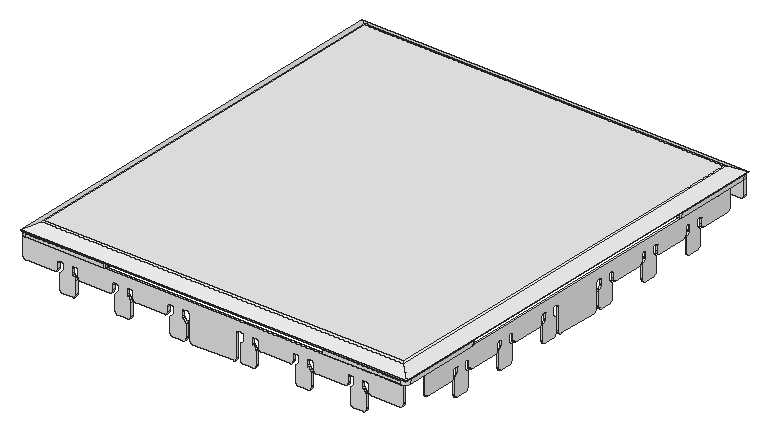
Revit family "Access_Door-Adjustable-Access-Best Access Doors-BA-RADJ", category Specialty Equipment, host Face, Revit 2017 (continued)
Definition of nested family "1-Frame_Base"
  Definition of nested family "1-Frame_Base-Side"
    Lines and regions (in)
      Masking region 2, visible <- "Frame Side 1", detail levels medium+fine
        outline origin (0, 0, 0) x (1, 0, 0) y (0, 1, 0)
          loop
            arc (0.8546, 0.432) -> (0.87789, 0.48821) -> (0.9341, 0.51149) r 0.0795
            line (0.9341, 0.51149) -> (1.0372, 0.51149)
            arc (1.0372, 0.51149) -> (1.09341, 0.48821) -> (1.1167, 0.432) r 0.0795
            line (1.1167, 0.432) -> (1.1167, 0.29599)
            arc (1.1167, 0.29599) -> (1.11065, 0.26557) -> (1.09341, 0.23978) r 0.0795
            line (1.09341, 0.23978) -> (1.0021, 0.14847)
            arc (1.0021, 0.14847) -> (0.98487, 0.12268) -> (0.97882, 0.09225) r 0.0795
            line (0.97882, 0.09225) -> (0.97882, -0.37789)
            arc (0.97882, -0.37789) -> (1.0152, -0.46572) -> (1.10303, -0.5021) r 0.12422
            line (1.10303, -0.5021) -> (1.4409, -0.5021)
            arc (1.4409, -0.5021) -> (1.52878, -0.46568) -> (1.56511, -0.37777) r 0.12422
            line (1.56511, -0.37777) -> (1.56511, 0.09216)
            arc (1.56511, 0.09216) -> (1.55908, 0.12263) -> (1.54183, 0.14847) r 0.0795
            line (1.54183, 0.14847) -> (1.45058, 0.23972)
            arc (1.45058, 0.23972) -> (1.43332, 0.26549) -> (1.42724, 0.29592) r 0.0795
            line (1.42724, 0.29592) -> (1.42724, 0.43192)
            arc (1.42724, 0.43192) -> (1.45049, 0.48818) -> (1.50673, 0.51149) r 0.0795
            line (1.50673, 0.51149) -> (1.55518, 0.51149)
            arc (1.55518, 0.51149) -> (1.61139, 0.48821) -> (1.63467, 0.432) r 0.0795
            line (1.63467, 0.432) -> (1.63467, 0.24506)
            arc (1.63467, 0.24506) -> (1.6711, 0.1573) -> (1.75889, 0.12096) r 0.12422
            line (1.75889, 0.12096) -> (2.78203, 0.12096)
            arc (2.78203, 0.12096) -> (2.86984, 0.15731) -> (2.90625, 0.24509) r 0.12422
            line (2.90625, 0.24509) -> (2.90625, 0.85109) -> (-2.90625, 0.85109)
      Masking region 3, visible <- "Frame Side 2", detail levels coarse
        outline origin (0, 0, 0) x (1, 0, 0) y (0, 1, 0)
          loop
            line (-3.61676, 0.85109) -> (-3.61676, -0.5021) -> (3.61676, -0.5021) -> (3.61676, 0.85109) -> (-3.61676, 0.85109)
      Masking region 4, visible <- "Frame Side 2", detail levels medium+fine
        outline origin (0, 0, 0) x (1, 0, 0) y (0, 1, 0)
          loop
            line (-3.49255, 0.12096) -> (-2.4694, 0.12096)
            arc (-2.4694, 0.12096) -> (-2.38153, 0.15738) -> (-2.34519, 0.24529) r 0.12422
            line (-2.34519, 0.24529) -> (-2.34519, 0.432)
            arc (-2.34519, 0.432) -> (-2.3219, 0.48821) -> (-2.26569, 0.51149) r 0.0795
            line (-2.26569, 0.51149) -> (-2.21725, 0.51149)
            arc (-2.21725, 0.51149) -> (-2.16106, 0.48824) -> (-2.13775, 0.43207) r 0.0795
            line (-2.13775, 0.43207) -> (-2.13775, 0.29607)
            arc (-2.13775, 0.29607) -> (-2.1438, 0.26556) -> (-2.16109, 0.23972) r 0.0795
            line (-2.16109, 0.23972) -> (-2.25234, 0.14847)
            arc (-2.25234, 0.14847) -> (-2.26959, 0.12263) -> (-2.27563, 0.09216) r 0.0795
            line (-2.27563, 0.09216) -> (-2.27563, -0.37777)
            arc (-2.27563, -0.37777) -> (-2.23929, -0.46568) -> (-2.15141, -0.5021) r 0.12422
            line (-2.15141, -0.5021) -> (-1.81354, -0.5021)
            arc (-1.81354, -0.5021) -> (-1.72571, -0.46572) -> (-1.68933, -0.37789) r 0.12422
            line (-1.68933, -0.37789) -> (-1.68933, 0.09225)
            arc (-1.68933, 0.09225) -> (-1.69538, 0.12268) -> (-1.71261, 0.14847) r 0.0795
            line (-1.71261, 0.14847) -> (-1.80392, 0.23978)
            arc (-1.80392, 0.23978) -> (-1.82116, 0.26557) -> (-1.82721, 0.29599) r 0.0795
            line (-1.82721, 0.29599) -> (-1.82721, 0.432)
            arc (-1.82721, 0.432) -> (-1.80392, 0.48821) -> (-1.74771, 0.51149) r 0.0795
            line (-1.74771, 0.51149) -> (-1.50673, 0.51149)
            arc (-1.50673, 0.51149) -> (-1.45055, 0.48824) -> (-1.42724, 0.43207) r 0.0795
            line (-1.42724, 0.43207) -> (-1.42724, 0.29607)
            arc (-1.42724, 0.29607) -> (-1.43329, 0.26556) -> (-1.45058, 0.23972) r 0.0795
            line (-1.45058, 0.23972) -> (-1.54183, 0.14847)
            arc (-1.54183, 0.14847) -> (-1.55908, 0.12263) -> (-1.56511, 0.09216) r 0.0795
            line (-1.56511, 0.09216) -> (-1.56511, -0.37777)
            arc (-1.56511, -0.37777) -> (-1.52878, -0.46568) -> (-1.4409, -0.5021) r 0.12422
            line (-1.4409, -0.5021) -> (-1.10303, -0.5021)
            arc (-1.10303, -0.5021) -> (-1.0152, -0.46572) -> (-0.97882, -0.37789) r 0.12422
            line (-0.97882, -0.37789) -> (-0.97882, 0.09225)
            arc (-0.97882, 0.09225) -> (-0.98487, 0.12268) -> (-1.0021, 0.14847) r 0.0795
            line (-1.0021, 0.14847) -> (-1.09341, 0.23978)
            arc (-1.09341, 0.23978) -> (-1.11065, 0.26557) -> (-1.1167, 0.29599) r 0.0795
            line (-1.1167, 0.29599) -> (-1.1167, 0.432)
            arc (-1.1167, 0.432) -> (-1.09341, 0.48821) -> (-1.0372, 0.51149) r 0.0795
            line (-1.0372, 0.51149) -> (-0.9341, 0.51149)
            arc (-0.9341, 0.51149) -> (-0.87789, 0.48821) -> (-0.8546, 0.432) r 0.0795
            line (-0.8546, 0.432) -> (-0.8546, -0.37795)
            arc (-0.8546, -0.37795) -> (-0.8182, -0.46574) -> (-0.73039, -0.5021) r 0.12422
            line (-0.73039, -0.5021) -> (0.73039, -0.5021)
            arc (0.73039, -0.5021) -> (0.81824, -0.4657) -> (0.8546, -0.37783) r 0.12422
            line (0.8546, -0.37783) -> (0.8546, 0.432)
            arc (0.8546, 0.432) -> (0.87789, 0.48821) -> (0.9341, 0.51149) r 0.0795
            line (0.9341, 0.51149) -> (1.0372, 0.51149)
            arc (1.0372, 0.51149) -> (1.09341, 0.48821) -> (1.1167, 0.432) r 0.0795
            line (1.1167, 0.432) -> (1.1167, 0.29599)
            arc (1.1167, 0.29599) -> (1.11065, 0.26557) -> (1.09341, 0.23978) r 0.0795
            line (1.09341, 0.23978) -> (1.0021, 0.14847)
            arc (1.0021, 0.14847) -> (0.98487, 0.12268) -> (0.97882, 0.09225) r 0.0795
            line (0.97882, 0.09225) -> (0.97882, -0.37789)
            arc (0.97882, -0.37789) -> (1.0152, -0.46572) -> (1.10303, -0.5021) r 0.12422
            line (1.10303, -0.5021) -> (1.4409, -0.5021)
            arc (1.4409, -0.5021) -> (1.52878, -0.46568) -> (1.56511, -0.37777) r 0.12422
            line (1.56511, -0.37777) -> (1.56511, 0.09235)
            arc (1.56511, 0.09235) -> (1.55904, 0.12272) -> (1.54183, 0.14847) r 0.0795
            line (1.54183, 0.14847) -> (1.45058, 0.23972)
            arc (1.45058, 0.23972) -> (1.43332, 0.26549) -> (1.42724, 0.29592) r 0.0795
            line (1.42724, 0.29592) -> (1.42724, 0.43192)
            arc (1.42724, 0.43192) -> (1.45049, 0.48818) -> (1.50673, 0.51149) r 0.0795
            line (1.50673, 0.51149) -> (1.74771, 0.51149)
            arc (1.74771, 0.51149) -> (1.80392, 0.48821) -> (1.82721, 0.432) r 0.0795
            line (1.82721, 0.432) -> (1.82721, 0.29599)
            arc (1.82721, 0.29599) -> (1.82116, 0.26557) -> (1.80392, 0.23978) r 0.0795
            line (1.80392, 0.23978) -> (1.71261, 0.14847)
            arc (1.71261, 0.14847) -> (1.69538, 0.12268) -> (1.68933, 0.09225) r 0.0795
            line (1.68933, 0.09225) -> (1.68933, -0.37789)
            arc (1.68933, -0.37789) -> (1.72571, -0.46572) -> (1.81354, -0.5021) r 0.12422
            line (1.81354, -0.5021) -> (2.15141, -0.5021)
            arc (2.15141, -0.5021) -> (2.23929, -0.46568) -> (2.27563, -0.37777) r 0.12422
            line (2.27563, -0.37777) -> (2.27563, 0.09235)
            arc (2.27563, 0.09235) -> (2.26956, 0.12272) -> (2.25234, 0.14847) r 0.0795
            line (2.25234, 0.14847) -> (2.16109, 0.23972)
            arc (2.16109, 0.23972) -> (2.14383, 0.26549) -> (2.13775, 0.29592) r 0.0795
            line (2.13775, 0.29592) -> (2.13775, 0.43192)
            arc (2.13775, 0.43192) -> (2.16101, 0.48818) -> (2.21725, 0.51149) r 0.0795
            line (2.21725, 0.51149) -> (2.26569, 0.51149)
            arc (2.26569, 0.51149) -> (2.3219, 0.48821) -> (2.34519, 0.432) r 0.0795
            line (2.34519, 0.432) -> (2.34519, 0.24506)
            arc (2.34519, 0.24506) -> (2.38161, 0.1573) -> (2.4694, 0.12096) r 0.12422
            line (2.4694, 0.12096) -> (3.49255, 0.12096)
            arc (3.49255, 0.12096) -> (3.58041, 0.15737) -> (3.61676, 0.24526) r 0.12422
            line (3.61676, 0.24526) -> (3.61676, 0.85109) -> (-3.61676, 0.85109) -> (-3.61676, 0.24509)
            arc (-3.61676, 0.24509) -> (-3.58035, 0.15731) -> (-3.49255, 0.12096) r 0.12422
      Masking region 5, visible <- "Frame Side 3", detail levels coarse
        outline origin (0, 0, 0) x (1, 0, 0) y (0, 1, 0)
          loop
            line (-4.90402, 0.85109) -> (-4.90402, -0.5021) -> (4.90402, -0.5021) -> (4.90402, 0.85109) -> (-4.90402, 0.85109)
      Masking region 6, visible <- "Frame Side 3", detail levels medium+fine
        outline origin (0, 0, 0) x (1, 0, 0) y (0, 1, 0)
          loop
            line (-4.90402, 0.85109) -> (-4.90402, 0.24518)
            arc (-4.90402, 0.24518) -> (-4.86725, 0.15734) -> (-4.77942, 0.12096) r 0.12422
            line (-4.77942, 0.12096) -> (-3.75627, 0.12096)
            arc (-3.75627, 0.12096) -> (-3.6684, 0.15738) -> (-3.63206, 0.24529) r 0.12422
            line (-3.63206, 0.24529) -> (-3.63206, 0.432)
            arc (-3.63206, 0.432) -> (-3.60877, 0.48821) -> (-3.55256, 0.51149) r 0.0795
            line (-3.55256, 0.51149) -> (-3.50412, 0.51149)
            arc (-3.50412, 0.51149) -> (-3.4479, 0.48821) -> (-3.42462, 0.432) r 0.0795
            line (-3.42462, 0.432) -> (-3.42462, 0.29599)
            arc (-3.42462, 0.29599) -> (-3.43067, 0.26557) -> (-3.4479, 0.23978) r 0.0795
            line (-3.4479, 0.23978) -> (-3.53921, 0.14847)
            arc (-3.53921, 0.14847) -> (-3.55645, 0.12268) -> (-3.5625, 0.09225) r 0.0795
            line (-3.5625, 0.09225) -> (-3.5625, -0.37789)
            arc (-3.5625, -0.37789) -> (-3.52612, -0.46572) -> (-3.43828, -0.5021) r 0.12422
            line (-3.43828, -0.5021) -> (-3.10042, -0.5021)
            arc (-3.10042, -0.5021) -> (-3.01254, -0.46568) -> (-2.9762, -0.37777) r 0.12422
            line (-2.9762, -0.37777) -> (-2.9762, 0.09235)
            arc (-2.9762, 0.09235) -> (-2.98227, 0.12272) -> (-2.99949, 0.14847) r 0.0795
            line (-2.99949, 0.14847) -> (-3.09073, 0.23972)
            arc (-3.09073, 0.23972) -> (-3.108, 0.26549) -> (-3.11408, 0.29592) r 0.0795
            line (-3.11408, 0.29592) -> (-3.11408, 0.43192)
            arc (-3.11408, 0.43192) -> (-3.09082, 0.48818) -> (-3.03458, 0.51149) r 0.0795
            line (-3.03458, 0.51149) -> (-2.98614, 0.51149)
            arc (-2.98614, 0.51149) -> (-2.92993, 0.48821) -> (-2.90664, 0.432) r 0.0795
            line (-2.90664, 0.432) -> (-2.90664, 0.24518)
            arc (-2.90664, 0.24518) -> (-2.86987, 0.15734) -> (-2.78203, 0.12096) r 0.12422
            line (-2.78203, 0.12096) -> (-1.75889, 0.12096)
            arc (-1.75889, 0.12096) -> (-1.67102, 0.15738) -> (-1.63467, 0.24529) r 0.12422
            line (-1.63467, 0.24529) -> (-1.63467, 0.432)
            arc (-1.63467, 0.432) -> (-1.61139, 0.48821) -> (-1.55518, 0.51149) r 0.0795
            line (-1.55518, 0.51149) -> (-1.50673, 0.51149)
            arc (-1.50673, 0.51149) -> (-1.45055, 0.48824) -> (-1.42724, 0.43207) r 0.0795
            line (-1.42724, 0.43207) -> (-1.42724, 0.29607)
            arc (-1.42724, 0.29607) -> (-1.43329, 0.26556) -> (-1.45058, 0.23972) r 0.0795
            line (-1.45058, 0.23972) -> (-1.54183, 0.14847)
            arc (-1.54183, 0.14847) -> (-1.55908, 0.12263) -> (-1.56511, 0.09216) r 0.0795
            line (-1.56511, 0.09216) -> (-1.56511, -0.37777)
            arc (-1.56511, -0.37777) -> (-1.52878, -0.46568) -> (-1.4409, -0.5021) r 0.12422
            line (-1.4409, -0.5021) -> (-1.10303, -0.5021)
            arc (-1.10303, -0.5021) -> (-1.0152, -0.46572) -> (-0.97882, -0.37789) r 0.12422
            line (-0.97882, -0.37789) -> (-0.97882, 0.09225)
            arc (-0.97882, 0.09225) -> (-0.98487, 0.12268) -> (-1.0021, 0.14847) r 0.0795
            line (-1.0021, 0.14847) -> (-1.09341, 0.23978)
            arc (-1.09341, 0.23978) -> (-1.11065, 0.26557) -> (-1.1167, 0.29599) r 0.0795
            line (-1.1167, 0.29599) -> (-1.1167, 0.432)
            arc (-1.1167, 0.432) -> (-1.09341, 0.48821) -> (-1.0372, 0.51149) r 0.0795
            line (-1.0372, 0.51149) -> (-0.9341, 0.51149)
            arc (-0.9341, 0.51149) -> (-0.87789, 0.48821) -> (-0.8546, 0.432) r 0.0795
            line (-0.8546, 0.432) -> (-0.8546, -0.37783)
            arc (-0.8546, -0.37783) -> (-0.81824, -0.4657) -> (-0.73039, -0.5021) r 0.12422
            line (-0.73039, -0.5021) -> (0.73039, -0.5021)
            arc (0.73039, -0.5021) -> (0.81824, -0.4657) -> (0.8546, -0.37783) r 0.12422
            line (0.8546, -0.37783) -> (0.8546, 0.432)
            arc (0.8546, 0.432) -> (0.87789, 0.48821) -> (0.9341, 0.51149) r 0.0795
            line (0.9341, 0.51149) -> (1.0372, 0.51149)
            arc (1.0372, 0.51149) -> (1.09341, 0.48821) -> (1.1167, 0.432) r 0.0795
            line (1.1167, 0.432) -> (1.1167, 0.29599)
            arc (1.1167, 0.29599) -> (1.11065, 0.26557) -> (1.09341, 0.23978) r 0.0795
            line (1.09341, 0.23978) -> (1.0021, 0.14847)
            arc (1.0021, 0.14847) -> (0.98487, 0.12268) -> (0.97882, 0.09225) r 0.0795
            line (0.97882, 0.09225) -> (0.97882, -0.37789)
            arc (0.97882, -0.37789) -> (1.0152, -0.46572) -> (1.10303, -0.5021) r 0.12422
            line (1.10303, -0.5021) -> (1.4409, -0.5021)
            arc (1.4409, -0.5021) -> (1.52878, -0.46568) -> (1.56511, -0.37777) r 0.12422
            line (1.56511, -0.37777) -> (1.56511, 0.09235)
            arc (1.56511, 0.09235) -> (1.55904, 0.12272) -> (1.54183, 0.14847) r 0.0795
            line (1.54183, 0.14847) -> (1.45058, 0.23972)
            arc (1.45058, 0.23972) -> (1.43332, 0.26549) -> (1.42724, 0.29592) r 0.0795
            line (1.42724, 0.29592) -> (1.42724, 0.43192)
            arc (1.42724, 0.43192) -> (1.45049, 0.48818) -> (1.50673, 0.51149) r 0.0795
            line (1.50673, 0.51149) -> (1.55518, 0.51149)
            arc (1.55518, 0.51149) -> (1.61139, 0.48821) -> (1.63467, 0.432) r 0.0795
            line (1.63467, 0.432) -> (1.63467, 0.24506)
            arc (1.63467, 0.24506) -> (1.6711, 0.1573) -> (1.75889, 0.12096) r 0.12422
            line (1.75889, 0.12096) -> (2.78203, 0.12096)
            arc (2.78203, 0.12096) -> (2.86987, 0.15734) -> (2.90625, 0.24518) r 0.12422
            line (2.90625, 0.24518) -> (2.90664, 0.432)
            arc (2.90664, 0.432) -> (2.92993, 0.48821) -> (2.98614, 0.51149) r 0.0795
            line (2.98614, 0.51149) -> (3.03458, 0.51149)
            arc (3.03458, 0.51149) -> (3.09077, 0.48824) -> (3.11408, 0.43207) r 0.0795
            line (3.11408, 0.43207) -> (3.11408, 0.29607)
            arc (3.11408, 0.29607) -> (3.10803, 0.26556) -> (3.09073, 0.23972) r 0.0795
            line (3.09073, 0.23972) -> (2.99949, 0.14847)
            arc (2.99949, 0.14847) -> (2.98223, 0.12263) -> (2.9762, 0.09216) r 0.0795
            line (2.9762, 0.09216) -> (2.9762, -0.37777)
            arc (2.9762, -0.37777) -> (3.01254, -0.46568) -> (3.10042, -0.5021) r 0.12422
            line (3.10042, -0.5021) -> (3.43828, -0.5021)
            arc (3.43828, -0.5021) -> (3.52612, -0.46572) -> (3.5625, -0.37789) r 0.12422
            line (3.5625, -0.37789) -> (3.5625, 0.09225)
            arc (3.5625, 0.09225) -> (3.55645, 0.12268) -> (3.53921, 0.14847) r 0.0795
            line (3.53921, 0.14847) -> (3.4479, 0.23978)
            arc (3.4479, 0.23978) -> (3.43067, 0.26557) -> (3.42462, 0.29599) r 0.0795
            line (3.42462, 0.29599) -> (3.42462, 0.432)
            arc (3.42462, 0.432) -> (3.4479, 0.48821) -> (3.50412, 0.51149) r 0.0795
            line (3.50412, 0.51149) -> (3.55256, 0.51149)
            arc (3.55256, 0.51149) -> (3.60877, 0.48821) -> (3.63206, 0.432) r 0.0795
            line (3.63206, 0.432) -> (3.63206, 0.24506)
            arc (3.63206, 0.24506) -> (3.66848, 0.1573) -> (3.75627, 0.12096) r 0.12422
            line (3.75627, 0.12096) -> (4.77942, 0.12096)
            arc (4.77942, 0.12096) -> (4.86725, 0.15734) -> (4.90363, 0.24518) r 0.12422
            line (4.90363, 0.24518) -> (4.90402, 0.85109) -> (-4.90402, 0.85109)
      Masking region 7, visible <- "Frame Side 4", detail levels coarse
        outline origin (0, 0, 0) x (1, 0, 0) y (0, 1, 0)
          loop
            line (-5.61454, 0.85109) -> (-5.61454, -0.5021) -> (5.61454, -0.5021) -> (5.61454, 0.85109) -> (-5.61454, 0.85109)
      Masking region 8, visible <- "Frame Side 4", detail levels medium+fine
        outline origin (0, 0, 0) x (1, 0, 0) y (0, 1, 0)
          loop
            line (-5.61454, 0.85109) -> (-5.61454, 0.24518)
            arc (-5.61454, 0.24518) -> (-5.57776, 0.15734) -> (-5.48993, 0.12096) r 0.12422
            line (-5.48993, 0.12096) -> (-4.46679, 0.12096)
            arc (-4.46679, 0.12096) -> (-4.37891, 0.15738) -> (-4.34257, 0.24529) r 0.12422
            line (-4.34257, 0.24529) -> (-4.34257, 0.432)
            arc (-4.34257, 0.432) -> (-4.31929, 0.48821) -> (-4.26307, 0.51149) r 0.0795
            line (-4.26307, 0.51149) -> (-4.21463, 0.51149)
            arc (-4.21463, 0.51149) -> (-4.15842, 0.48821) -> (-4.13513, 0.432) r 0.0795
            line (-4.13513, 0.432) -> (-4.13513, 0.29599)
            arc (-4.13513, 0.29599) -> (-4.14118, 0.26557) -> (-4.15842, 0.23978) r 0.0795
            line (-4.15842, 0.23978) -> (-4.24973, 0.14847)
            arc (-4.24973, 0.14847) -> (-4.26696, 0.12268) -> (-4.27301, 0.09225) r 0.0795
            line (-4.27301, 0.09225) -> (-4.27301, -0.37789)
            arc (-4.27301, -0.37789) -> (-4.23663, -0.46572) -> (-4.14879, -0.5021) r 0.12422
            line (-4.14879, -0.5021) -> (-3.81093, -0.5021)
            arc (-3.81093, -0.5021) -> (-3.72305, -0.46568) -> (-3.68671, -0.37777) r 0.12422
            line (-3.68671, -0.37777) -> (-3.68671, 0.09235)
            arc (-3.68671, 0.09235) -> (-3.69278, 0.12272) -> (-3.71, 0.14847) r 0.0795
            line (-3.71, 0.14847) -> (-3.80125, 0.23972)
            arc (-3.80125, 0.23972) -> (-3.81851, 0.26549) -> (-3.82459, 0.29592) r 0.0795
            line (-3.82459, 0.29592) -> (-3.82459, 0.43192)
            arc (-3.82459, 0.43192) -> (-3.80133, 0.48818) -> (-3.74509, 0.51149) r 0.0795
            line (-3.74509, 0.51149) -> (-3.69665, 0.51149)
            arc (-3.69665, 0.51149) -> (-3.64044, 0.48821) -> (-3.61715, 0.432) r 0.0795
            line (-3.61715, 0.432) -> (-3.61676, 0.24518)
            arc (-3.61676, 0.24518) -> (-3.58038, 0.15734) -> (-3.49255, 0.12096) r 0.12422
            line (-3.49255, 0.12096) -> (-2.4694, 0.12096)
            arc (-2.4694, 0.12096) -> (-2.38153, 0.15738) -> (-2.34519, 0.24529) r 0.12422
            line (-2.34519, 0.24529) -> (-2.34519, 0.432)
            arc (-2.34519, 0.432) -> (-2.3219, 0.48821) -> (-2.26569, 0.51149) r 0.0795
            line (-2.26569, 0.51149) -> (-2.21725, 0.51149)
            arc (-2.21725, 0.51149) -> (-2.16106, 0.48824) -> (-2.13775, 0.43207) r 0.0795
            line (-2.13775, 0.43207) -> (-2.13775, 0.29607)
            arc (-2.13775, 0.29607) -> (-2.1438, 0.26556) -> (-2.16109, 0.23972) r 0.0795
            line (-2.16109, 0.23972) -> (-2.25234, 0.14847)
            arc (-2.25234, 0.14847) -> (-2.26959, 0.12263) -> (-2.27563, 0.09216) r 0.0795
            line (-2.27563, 0.09216) -> (-2.27563, -0.37777)
            arc (-2.27563, -0.37777) -> (-2.23929, -0.46568) -> (-2.15141, -0.5021) r 0.12422
            line (-2.15141, -0.5021) -> (-1.81354, -0.5021)
            arc (-1.81354, -0.5021) -> (-1.72571, -0.46572) -> (-1.68933, -0.37789) r 0.12422
            line (-1.68933, -0.37789) -> (-1.68933, 0.09225)
            arc (-1.68933, 0.09225) -> (-1.69538, 0.12268) -> (-1.71261, 0.14847) r 0.0795
            line (-1.71261, 0.14847) -> (-1.80392, 0.23978)
            arc (-1.80392, 0.23978) -> (-1.82116, 0.26557) -> (-1.82721, 0.29599) r 0.0795
            line (-1.82721, 0.29599) -> (-1.82721, 0.432)
            arc (-1.82721, 0.432) -> (-1.80392, 0.48821) -> (-1.74771, 0.51149) r 0.0795
            line (-1.74771, 0.51149) -> (-1.50673, 0.51149)
            arc (-1.50673, 0.51149) -> (-1.45055, 0.48824) -> (-1.42724, 0.43207) r 0.0795
            line (-1.42724, 0.43207) -> (-1.42724, 0.29607)
            arc (-1.42724, 0.29607) -> (-1.43329, 0.26556) -> (-1.45058, 0.23972) r 0.0795
            line (-1.45058, 0.23972) -> (-1.54183, 0.14847)
            arc (-1.54183, 0.14847) -> (-1.55908, 0.12263) -> (-1.56511, 0.09216) r 0.0795
            line (-1.56511, 0.09216) -> (-1.56511, -0.37777)
            arc (-1.56511, -0.37777) -> (-1.52878, -0.46568) -> (-1.4409, -0.5021) r 0.12422
            line (-1.4409, -0.5021) -> (-1.10303, -0.5021)
            arc (-1.10303, -0.5021) -> (-1.0152, -0.46572) -> (-0.97882, -0.37789) r 0.12422
            line (-0.97882, -0.37789) -> (-0.97882, 0.09225)
            arc (-0.97882, 0.09225) -> (-0.98487, 0.12268) -> (-1.0021, 0.14847) r 0.0795
            line (-1.0021, 0.14847) -> (-1.09341, 0.23978)
            arc (-1.09341, 0.23978) -> (-1.11065, 0.26557) -> (-1.1167, 0.29599) r 0.0795
            line (-1.1167, 0.29599) -> (-1.1167, 0.432)
            arc (-1.1167, 0.432) -> (-1.09341, 0.48821) -> (-1.0372, 0.51149) r 0.0795
            line (-1.0372, 0.51149) -> (-0.9341, 0.51149)
            arc (-0.9341, 0.51149) -> (-0.87789, 0.48821) -> (-0.8546, 0.432) r 0.0795
            line (-0.8546, 0.432) -> (-0.8546, -0.37783)
            arc (-0.8546, -0.37783) -> (-0.81824, -0.4657) -> (-0.73039, -0.5021) r 0.12422
            line (-0.73039, -0.5021) -> (0.73039, -0.5021)
            arc (0.73039, -0.5021) -> (0.81824, -0.4657) -> (0.8546, -0.37783) r 0.12422
            line (0.8546, -0.37783) -> (0.8546, 0.432)
            arc (0.8546, 0.432) -> (0.87789, 0.48821) -> (0.9341, 0.51149) r 0.0795
            line (0.9341, 0.51149) -> (1.0372, 0.51149)
            arc (1.0372, 0.51149) -> (1.09341, 0.48821) -> (1.1167, 0.432) r 0.0795
            line (1.1167, 0.432) -> (1.1167, 0.29599)
            arc (1.1167, 0.29599) -> (1.11065, 0.26557) -> (1.09341, 0.23978) r 0.0795
            line (1.09341, 0.23978) -> (1.0021, 0.14847)
            arc (1.0021, 0.14847) -> (0.98487, 0.12268) -> (0.97882, 0.09225) r 0.0795
            line (0.97882, 0.09225) -> (0.97882, -0.37789)
            arc (0.97882, -0.37789) -> (1.0152, -0.46572) -> (1.10303, -0.5021) r 0.12422
            line (1.10303, -0.5021) -> (1.4409, -0.5021)
            arc (1.4409, -0.5021) -> (1.52878, -0.46568) -> (1.56511, -0.37777) r 0.12422
            line (1.56511, -0.37777) -> (1.56511, 0.09235)
            arc (1.56511, 0.09235) -> (1.55904, 0.12272) -> (1.54183, 0.14847) r 0.0795
            line (1.54183, 0.14847) -> (1.45058, 0.23972)
            arc (1.45058, 0.23972) -> (1.43332, 0.26549) -> (1.42724, 0.29592) r 0.0795
            line (1.42724, 0.29592) -> (1.42724, 0.43192)
            arc (1.42724, 0.43192) -> (1.45049, 0.48818) -> (1.50673, 0.51149) r 0.0795
            line (1.50673, 0.51149) -> (1.74771, 0.51149)
            arc (1.74771, 0.51149) -> (1.80392, 0.48821) -> (1.82721, 0.432) r 0.0795
            line (1.82721, 0.432) -> (1.82721, 0.29599)
            arc (1.82721, 0.29599) -> (1.82116, 0.26557) -> (1.80392, 0.23978) r 0.0795
            line (1.80392, 0.23978) -> (1.71261, 0.14847)
            arc (1.71261, 0.14847) -> (1.69538, 0.12268) -> (1.68933, 0.09225) r 0.0795
            line (1.68933, 0.09225) -> (1.68933, -0.37789)
            arc (1.68933, -0.37789) -> (1.72571, -0.46572) -> (1.81354, -0.5021) r 0.12422
            line (1.81354, -0.5021) -> (2.15141, -0.5021)
            arc (2.15141, -0.5021) -> (2.23929, -0.46568) -> (2.27563, -0.37777) r 0.12422
            line (2.27563, -0.37777) -> (2.27563, 0.09235)
            arc (2.27563, 0.09235) -> (2.26956, 0.12272) -> (2.25234, 0.14847) r 0.0795
            line (2.25234, 0.14847) -> (2.16109, 0.23972)
            arc (2.16109, 0.23972) -> (2.14383, 0.26549) -> (2.13775, 0.29592) r 0.0795
            line (2.13775, 0.29592) -> (2.13775, 0.43192)
            arc (2.13775, 0.43192) -> (2.16101, 0.48818) -> (2.21725, 0.51149) r 0.0795
            line (2.21725, 0.51149) -> (2.26569, 0.51149)
            arc (2.26569, 0.51149) -> (2.3219, 0.48821) -> (2.34519, 0.432) r 0.0795
            line (2.34519, 0.432) -> (2.34519, 0.24506)
            arc (2.34519, 0.24506) -> (2.38161, 0.1573) -> (2.4694, 0.12096) r 0.12422
            line (2.4694, 0.12096) -> (3.49255, 0.12096)
            arc (3.49255, 0.12096) -> (3.58038, 0.15734) -> (3.61676, 0.24518) r 0.12422
            line (3.61676, 0.24518) -> (3.61715, 0.432)
            arc (3.61715, 0.432) -> (3.64044, 0.48821) -> (3.69665, 0.51149) r 0.0795
            line (3.69665, 0.51149) -> (3.74509, 0.51149)
            arc (3.74509, 0.51149) -> (3.80128, 0.48824) -> (3.82459, 0.43207) r 0.0795
            line (3.82459, 0.43207) -> (3.82459, 0.29607)
            arc (3.82459, 0.29607) -> (3.81854, 0.26556) -> (3.80125, 0.23972) r 0.0795
            line (3.80125, 0.23972) -> (3.71, 0.14847)
            arc (3.71, 0.14847) -> (3.69275, 0.12263) -> (3.68671, 0.09216) r 0.0795
            line (3.68671, 0.09216) -> (3.68671, -0.37777)
            arc (3.68671, -0.37777) -> (3.72305, -0.46568) -> (3.81093, -0.5021) r 0.12422
            line (3.81093, -0.5021) -> (4.14879, -0.5021)
            arc (4.14879, -0.5021) -> (4.23663, -0.46572) -> (4.27301, -0.37789) r 0.12422
            line (4.27301, -0.37789) -> (4.27301, 0.09225)
            arc (4.27301, 0.09225) -> (4.26696, 0.12268) -> (4.24973, 0.14847) r 0.0795
            line (4.24973, 0.14847) -> (4.15842, 0.23978)
            arc (4.15842, 0.23978) -> (4.14118, 0.26557) -> (4.13513, 0.29599) r 0.0795
            line (4.13513, 0.29599) -> (4.13513, 0.432)
            arc (4.13513, 0.432) -> (4.15842, 0.48821) -> (4.21463, 0.51149) r 0.0795
            line (4.21463, 0.51149) -> (4.26307, 0.51149)
            arc (4.26307, 0.51149) -> (4.31929, 0.48821) -> (4.34257, 0.432) r 0.0795
            line (4.34257, 0.432) -> (4.34257, 0.24506)
            arc (4.34257, 0.24506) -> (4.37899, 0.1573) -> (4.46679, 0.12096) r 0.12422
            line (4.46679, 0.12096) -> (5.48993, 0.12096)
            arc (5.48993, 0.12096) -> (5.57776, 0.15734) -> (5.61415, 0.24518) r 0.12422
            line (5.61415, 0.24518) -> (5.61454, 0.85109) -> (-5.61454, 0.85109)
      Masking region 9, visible <- "Frame Side 5", detail levels coarse
        outline origin (0, 0, 0) x (1, 0, 0) y (0, 1, 0)
          loop
            line (-6.90102, 0.85109) -> (-6.90102, -0.5021) -> (6.90102, -0.5021) -> (6.90102, 0.85109) -> (-6.90102, 0.85109)
      Masking region 10, visible <- "Frame Side 5", detail levels medium+fine
        outline origin (0, 0, 0) x (1, 0, 0) y (0, 1, 0)
          loop
            line (-6.7768, 0.12096) -> (-5.75366, 0.12096)
            arc (-5.75366, 0.12096) -> (-5.66586, 0.1573) -> (-5.62944, 0.24506) r 0.12422
            line (-5.62944, 0.24506) -> (-5.62944, 0.432)
            arc (-5.62944, 0.432) -> (-5.60616, 0.48821) -> (-5.54994, 0.51149) r 0.0795
            line (-5.54994, 0.51149) -> (-5.5015, 0.51149)
            arc (-5.5015, 0.51149) -> (-5.44529, 0.48821) -> (-5.422, 0.432) r 0.0795
            line (-5.422, 0.432) -> (-5.422, 0.29599)
            arc (-5.422, 0.29599) -> (-5.42805, 0.26557) -> (-5.44529, 0.23978) r 0.0795
            line (-5.44529, 0.23978) -> (-5.5366, 0.14847)
            arc (-5.5366, 0.14847) -> (-5.55383, 0.12268) -> (-5.55988, 0.09225) r 0.0795
            line (-5.55988, 0.09225) -> (-5.55988, -0.37789)
            arc (-5.55988, -0.37789) -> (-5.5235, -0.46572) -> (-5.43567, -0.5021) r 0.12422
            line (-5.43567, -0.5021) -> (-5.0978, -0.5021)
            arc (-5.0978, -0.5021) -> (-5.00992, -0.46568) -> (-4.97359, -0.37777) r 0.12422
            line (-4.97359, -0.37777) -> (-4.97359, 0.09216)
            arc (-4.97359, 0.09216) -> (-4.97962, 0.12263) -> (-4.99687, 0.14847) r 0.0795
            line (-4.99687, 0.14847) -> (-5.08812, 0.23972)
            arc (-5.08812, 0.23972) -> (-5.10538, 0.26549) -> (-5.11146, 0.29592) r 0.0795
            line (-5.11146, 0.29592) -> (-5.11146, 0.43192)
            arc (-5.11146, 0.43192) -> (-5.08821, 0.48818) -> (-5.03197, 0.51149) r 0.0795
            line (-5.03197, 0.51149) -> (-4.98352, 0.51149)
            arc (-4.98352, 0.51149) -> (-4.92731, 0.48821) -> (-4.90402, 0.432) r 0.0795
            line (-4.90402, 0.432) -> (-4.90402, 0.24518)
            arc (-4.90402, 0.24518) -> (-4.86725, 0.15734) -> (-4.77942, 0.12096) r 0.12422
            line (-4.77942, 0.12096) -> (-3.75627, 0.12096)
            arc (-3.75627, 0.12096) -> (-3.66848, 0.1573) -> (-3.63206, 0.24506) r 0.12422
            line (-3.63206, 0.24506) -> (-3.63206, 0.432)
            arc (-3.63206, 0.432) -> (-3.60877, 0.48821) -> (-3.55256, 0.51149) r 0.0795
            line (-3.55256, 0.51149) -> (-3.50412, 0.51149)
            arc (-3.50412, 0.51149) -> (-3.4479, 0.48821) -> (-3.42462, 0.432) r 0.0795
            line (-3.42462, 0.432) -> (-3.42462, 0.29599)
            arc (-3.42462, 0.29599) -> (-3.43067, 0.26557) -> (-3.4479, 0.23978) r 0.0795
            line (-3.4479, 0.23978) -> (-3.53921, 0.14847)
            arc (-3.53921, 0.14847) -> (-3.55645, 0.12268) -> (-3.5625, 0.09225) r 0.0795
            line (-3.5625, 0.09225) -> (-3.5625, -0.37789)
            arc (-3.5625, -0.37789) -> (-3.52612, -0.46572) -> (-3.43828, -0.5021) r 0.12422
            line (-3.43828, -0.5021) -> (-3.10042, -0.5021)
            arc (-3.10042, -0.5021) -> (-3.01254, -0.46568) -> (-2.9762, -0.37777) r 0.12422
            line (-2.9762, -0.37777) -> (-2.9762, 0.09216)
            arc (-2.9762, 0.09216) -> (-2.98223, 0.12263) -> (-2.99949, 0.14847) r 0.0795
            line (-2.99949, 0.14847) -> (-3.09073, 0.23972)
            arc (-3.09073, 0.23972) -> (-3.108, 0.26549) -> (-3.11408, 0.29592) r 0.0795
            line (-3.11408, 0.29592) -> (-3.11408, 0.43192)
            arc (-3.11408, 0.43192) -> (-3.09082, 0.48818) -> (-3.03458, 0.51149) r 0.0795
            line (-3.03458, 0.51149) -> (-2.98614, 0.51149)
            arc (-2.98614, 0.51149) -> (-2.92993, 0.48821) -> (-2.90664, 0.432) r 0.0795
            line (-2.90664, 0.432) -> (-2.90664, 0.24518)
            arc (-2.90664, 0.24518) -> (-2.86987, 0.15734) -> (-2.78203, 0.12096) r 0.12422
            line (-2.78203, 0.12096) -> (-1.75889, 0.12096)
            arc (-1.75889, 0.12096) -> (-1.6711, 0.1573) -> (-1.63467, 0.24506) r 0.12422
            line (-1.63467, 0.24506) -> (-1.63467, 0.432)
            arc (-1.63467, 0.432) -> (-1.61139, 0.48821) -> (-1.55518, 0.51149) r 0.0795
            line (-1.55518, 0.51149) -> (-1.50673, 0.51149)
            arc (-1.50673, 0.51149) -> (-1.45055, 0.48824) -> (-1.42724, 0.43207) r 0.0795
            line (-1.42724, 0.43207) -> (-1.42724, 0.29607)
            arc (-1.42724, 0.29607) -> (-1.43329, 0.26556) -> (-1.45058, 0.23972) r 0.0795
            line (-1.45058, 0.23972) -> (-1.54183, 0.14847)
            arc (-1.54183, 0.14847) -> (-1.55904, 0.12272) -> (-1.56511, 0.09235) r 0.0795
            line (-1.56511, 0.09235) -> (-1.56511, -0.37801)
            arc (-1.56511, -0.37801) -> (-1.52869, -0.46577) -> (-1.4409, -0.5021) r 0.12422
            line (-1.4409, -0.5021) -> (-1.10303, -0.5021)
            arc (-1.10303, -0.5021) -> (-1.0152, -0.46572) -> (-0.97882, -0.37789) r 0.12422
            line (-0.97882, -0.37789) -> (-0.97882, 0.09225)
            arc (-0.97882, 0.09225) -> (-0.98487, 0.12268) -> (-1.0021, 0.14847) r 0.0795
            line (-1.0021, 0.14847) -> (-1.09341, 0.23978)
            arc (-1.09341, 0.23978) -> (-1.11065, 0.26557) -> (-1.1167, 0.29599) r 0.0795
            line (-1.1167, 0.29599) -> (-1.1167, 0.432)
            arc (-1.1167, 0.432) -> (-1.09341, 0.48821) -> (-1.0372, 0.51149) r 0.0795
            line (-1.0372, 0.51149) -> (-0.9341, 0.51149)
            arc (-0.9341, 0.51149) -> (-0.87789, 0.48821) -> (-0.8546, 0.432) r 0.0795
            line (-0.8546, 0.432) -> (-0.8546, -0.37795)
            arc (-0.8546, -0.37795) -> (-0.8182, -0.46574) -> (-0.73039, -0.5021) r 0.12422
            line (-0.73039, -0.5021) -> (0.73039, -0.5021)
            arc (0.73039, -0.5021) -> (0.81824, -0.4657) -> (0.8546, -0.37783) r 0.12422
            line (0.8546, -0.37783) -> (0.8546, 0.432)
            arc (0.8546, 0.432) -> (0.87789, 0.48821) -> (0.9341, 0.51149) r 0.0795
            line (0.9341, 0.51149) -> (1.0372, 0.51149)
            arc (1.0372, 0.51149) -> (1.09341, 0.48821) -> (1.1167, 0.432) r 0.0795
            line (1.1167, 0.432) -> (1.1167, 0.29599)
            arc (1.1167, 0.29599) -> (1.11065, 0.26557) -> (1.09341, 0.23978) r 0.0795
            line (1.09341, 0.23978) -> (1.0021, 0.14847)
            arc (1.0021, 0.14847) -> (0.98487, 0.12268) -> (0.97882, 0.09225) r 0.0795
            line (0.97882, 0.09225) -> (0.97882, -0.37789)
            arc (0.97882, -0.37789) -> (1.0152, -0.46572) -> (1.10303, -0.5021) r 0.12422
            line (1.10303, -0.5021) -> (1.4409, -0.5021)
            arc (1.4409, -0.5021) -> (1.52878, -0.46568) -> (1.56511, -0.37777) r 0.12422
            line (1.56511, -0.37777) -> (1.56511, 0.09216)
            arc (1.56511, 0.09216) -> (1.55908, 0.12263) -> (1.54183, 0.14847) r 0.0795
            line (1.54183, 0.14847) -> (1.45058, 0.23972)
            arc (1.45058, 0.23972) -> (1.43332, 0.26549) -> (1.42724, 0.29592) r 0.0795
            line (1.42724, 0.29592) -> (1.42724, 0.43192)
            arc (1.42724, 0.43192) -> (1.45049, 0.48818) -> (1.50673, 0.51149) r 0.0795
            line (1.50673, 0.51149) -> (1.55518, 0.51149)
            arc (1.55518, 0.51149) -> (1.61139, 0.48821) -> (1.63467, 0.432) r 0.0795
            line (1.63467, 0.432) -> (1.63467, 0.24506)
            arc (1.63467, 0.24506) -> (1.6711, 0.1573) -> (1.75889, 0.12096) r 0.12422
            line (1.75889, 0.12096) -> (2.78203, 0.12096)
            arc (2.78203, 0.12096) -> (2.86987, 0.15734) -> (2.90625, 0.24518) r 0.12422
            line (2.90625, 0.24518) -> (2.90664, 0.432)
            arc (2.90664, 0.432) -> (2.92993, 0.48821) -> (2.98614, 0.51149) r 0.0795
            line (2.98614, 0.51149) -> (3.03458, 0.51149)
            arc (3.03458, 0.51149) -> (3.09077, 0.48824) -> (3.11408, 0.43207) r 0.0795
            line (3.11408, 0.43207) -> (3.11408, 0.29607)
            arc (3.11408, 0.29607) -> (3.10803, 0.26556) -> (3.09073, 0.23972) r 0.0795
            line (3.09073, 0.23972) -> (2.99949, 0.14847)
            arc (2.99949, 0.14847) -> (2.98227, 0.12272) -> (2.9762, 0.09235) r 0.0795
            line (2.9762, 0.09235) -> (2.9762, -0.37801)
            arc (2.9762, -0.37801) -> (3.01263, -0.46577) -> (3.10042, -0.5021) r 0.12422
            line (3.10042, -0.5021) -> (3.43828, -0.5021)
            arc (3.43828, -0.5021) -> (3.52612, -0.46572) -> (3.5625, -0.37789) r 0.12422
            line (3.5625, -0.37789) -> (3.5625, 0.09225)
            arc (3.5625, 0.09225) -> (3.55645, 0.12268) -> (3.53921, 0.14847) r 0.0795
            line (3.53921, 0.14847) -> (3.4479, 0.23978)
            arc (3.4479, 0.23978) -> (3.43067, 0.26557) -> (3.42462, 0.29599) r 0.0795
            line (3.42462, 0.29599) -> (3.42462, 0.432)
            arc (3.42462, 0.432) -> (3.4479, 0.48821) -> (3.50412, 0.51149) r 0.0795
            line (3.50412, 0.51149) -> (3.55256, 0.51149)
            arc (3.55256, 0.51149) -> (3.60877, 0.48821) -> (3.63206, 0.432) r 0.0795
            line (3.63206, 0.432) -> (3.63206, 0.24506)
            arc (3.63206, 0.24506) -> (3.66848, 0.1573) -> (3.75627, 0.12096) r 0.12422
            line (3.75627, 0.12096) -> (4.77942, 0.12096)
            arc (4.77942, 0.12096) -> (4.86725, 0.15734) -> (4.90363, 0.24518) r 0.12422
            line (4.90363, 0.24518) -> (4.90402, 0.432)
            arc (4.90402, 0.432) -> (4.92731, 0.48821) -> (4.98352, 0.51149) r 0.0795
            line (4.98352, 0.51149) -> (5.03197, 0.51149)
            arc (5.03197, 0.51149) -> (5.08815, 0.48824) -> (5.11146, 0.43207) r 0.0795
            line (5.11146, 0.43207) -> (5.11146, 0.29607)
            arc (5.11146, 0.29607) -> (5.10541, 0.26556) -> (5.08812, 0.23972) r 0.0795
            line (5.08812, 0.23972) -> (4.99687, 0.14847)
            arc (4.99687, 0.14847) -> (4.97966, 0.12272) -> (4.97359, 0.09235) r 0.0795
            line (4.97359, 0.09235) -> (4.97359, -0.37801)
            arc (4.97359, -0.37801) -> (5.01001, -0.46577) -> (5.0978, -0.5021) r 0.12422
            line (5.0978, -0.5021) -> (5.43567, -0.5021)
            arc (5.43567, -0.5021) -> (5.5235, -0.46572) -> (5.55988, -0.37789) r 0.12422
            line (5.55988, -0.37789) -> (5.55988, 0.09225)
            arc (5.55988, 0.09225) -> (5.55383, 0.12268) -> (5.5366, 0.14847) r 0.0795
            line (5.5366, 0.14847) -> (5.44529, 0.23978)
            arc (5.44529, 0.23978) -> (5.42805, 0.26557) -> (5.422, 0.29599) r 0.0795
            line (5.422, 0.29599) -> (5.422, 0.432)
            arc (5.422, 0.432) -> (5.44529, 0.48821) -> (5.5015, 0.51149) r 0.0795
            line (5.5015, 0.51149) -> (5.54994, 0.51149)
            arc (5.54994, 0.51149) -> (5.60616, 0.48821) -> (5.62944, 0.432) r 0.0795
            line (5.62944, 0.432) -> (5.62944, 0.24506)
            arc (5.62944, 0.24506) -> (5.66586, 0.1573) -> (5.75366, 0.12096) r 0.12422
            line (5.75366, 0.12096) -> (6.7768, 0.12096)
            arc (6.7768, 0.12096) -> (6.86464, 0.15734) -> (6.90102, 0.24518) r 0.12422
            line (6.90102, 0.24518) -> (6.90102, 0.85109) -> (-6.90102, 0.85109) -> (-6.90102, 0.24518)
            arc (-6.90102, 0.24518) -> (-6.86464, 0.15734) -> (-6.7768, 0.12096) r 0.12422
      Masking region 11
        outline origin (0, 0, 0) x (0, 1, 0) y (0, 0, 1)
          loop
            line (0.85109, 0.0625) -> (-0.5021, 0.0625) -> (-0.5021, 0) -> (0.85109, 0) -> (0.85109, 0.0625)
      Masking region 12, visible <- "Frame Side 1"
        outline origin (0, 0.17449, 0) x (1, 0, 0) y (0, 0, 1)
          loop
            line (2.90625, 0.0625) -> (-2.90625, 0.0625) -> (-2.90625, 0) -> (2.90625, 0) -> (2.90625, 0.0625)
      Masking region 13, visible <- "Frame Side 2"
        outline origin (0, 0.17449, 0) x (1, 0, 0) y (0, 0, 1)
          loop
            line (3.61676, 0.0625) -> (-3.61676, 0.0625) -> (-3.61676, 0) -> (3.61676, 0) -> (3.61676, 0.0625)
      Masking region 14, visible <- "Frame Side 3"
        outline origin (0, 0.17449, 0) x (1, 0, 0) y (0, 0, 1)
          loop
            line (4.90402, 0.0625) -> (-4.90402, 0.0625) -> (-4.90402, 0) -> (4.90402, 0) -> (4.90402, 0.0625)
      Masking region 15, visible <- "Frame Side 4"
        outline origin (0, 0.17449, 0) x (1, 0, 0) y (0, 0, 1)
          loop
            line (5.61454, 0.0625) -> (-5.61454, 0.0625) -> (-5.61454, 0) -> (5.61454, 0) -> (5.61454, 0.0625)
      Masking region 16, visible <- "Frame Side 5"
        outline origin (0, 0.17449, 0) x (1, 0, 0) y (0, 0, 1)
          loop
            line (6.90102, 0.0625) -> (-6.90102, 0.0625) -> (-6.90102, 0) -> (6.90102, 0) -> (6.90102, 0.0625)
      symbolic lines, detail levels fine
        curve 1: line (0, 0.12096, 0.0625) -> (0, 0.12096, 0)
    Dimensions and locks (in)
      aligned and locked: plane 2 to level
      aligned and locked: Masking region 1 sketch curve to plane 4 "Top"
      aligned and locked: plane 8 to Masking region 1 sketch curve
      aligned and locked: Masking region 1 sketch curve to plane 5 "Bottom"
      aligned and locked: plane 7 to Masking region 1 sketch curve
      aligned and locked: Masking region 2 sketch curve to Extrusion 1  (x54)
      aligned and locked: Masking region 3 sketch curve to Extrusion 2  (x2)
      aligned and locked: Masking region 3 sketch curve to plane 4 "Top"
      aligned and locked: Masking region 3 sketch curve to plane 5 "Bottom"
      aligned and locked: Masking region 4 sketch curve to Extrusion 2  (x83)
      aligned and locked: Extrusion 2 to Masking region 4 sketch curve  (x3)
      aligned and locked: Masking region 5 sketch curve to Extrusion 5  (x4)
      aligned and locked: Masking region 6 sketch curve to Extrusion 5  (x102)
      aligned and locked: Masking region 7 sketch curve to Extrusion 3  (x4)
      aligned and locked: Masking region 8 sketch curve to Extrusion 3  (x131)
      aligned and locked: Extrusion 3 to Masking region 8 sketch curve  (x3)
      aligned and locked: Masking region 9 sketch curve to Extrusion 4  (x4)
      aligned and locked: Masking region 10 sketch curve to Extrusion 4  (x150)
  Definition of nested family "Family13"
    Parameters
      Finish = none
      Assembly Code = ""
    Reference planes (in)
      plane 1 "Center (Front/Back)": y = 0
      plane 2: z = 0
      plane 3 "Center (Left/Right)": x = 0
      plane 4: y = 1.53118
      plane 5: y = -1.53118
      plane 6: x = -1.53118
      plane 7: x = 1.53118
    Forms (in)
      Extrusion 1, solid, material <- "Finish"
        sketch origin (20.03118, -1.4588, 0) x (1, 0, 0) y (0, 1, 0)
          loop
            line (-21.55455, 2.27073) -> (-21.34051, 1.68266) -> (-19.92624, 1.68266)
            arc (-19.92624, 1.68266) -> (-19.84215, 1.64783) -> (-19.80733, 1.56375) r 0.11891
            line (-19.80733, 1.56375) -> (-19.80733, 0.14948) -> (-19.19776, -0.07238) -> (-18.53989, -0.07238)
            spline (-18.53989, -0.07238) -> (-18.53468, -0.07204) -> (-18.52956, -0.07102) -> (-18.52462, -0.06935) -> (-18.51994, -0.06704) -> (-18.5156, -0.06414) -> (-18.51168, -0.06071) -> (-18.50824, -0.05678) -> (-18.50534, -0.05245) -> (-18.50303, -0.04777) -> (-18.50136, -0.04282) -> (-18.50034, -0.0377) -> (-18.5, -0.03249)
            line (-18.5, -0.03249) -> (-18.5, 2.78637)
            arc (-18.5, 2.78637) -> (-18.55983, 2.93015) -> (-18.70361, 2.98999) r 0.20429
            line (-18.70361, 2.98999) -> (-21.52248, 2.98999)
            spline (-21.52248, 2.98999) -> (-21.52769, 2.98965) -> (-21.53281, 2.98863) -> (-21.53775, 2.98695) -> (-21.54243, 2.98465) -> (-21.54677, 2.98175) -> (-21.55069, 2.97831) -> (-21.55413, 2.97439) -> (-21.55703, 2.97005) -> (-21.55933, 2.96537) -> (-21.56101, 2.96043) -> (-21.56203, 2.95531) -> (-21.56237, 2.9501)
            line (-21.56237, 2.9501) -> (-21.56237, 2.862) -> (-21.55455, 2.27073)
        from 0 to 0.125
    Lines and regions (in)
      Masking region 1, detail levels coarse
        outline origin (0, 0, 0) x (1, 0, 0) y (0, 1, 0)
          loop
            line (-1.53118, 1.53118) -> (-1.53118, -1.53118) -> (1.53118, -1.53118) -> (1.53118, 1.53118) -> (-1.53118, 1.53118)
      Masking region 2, detail levels medium+fine
        outline origin (0, 0, 0) x (1, 0, 0) y (0, 1, 0)
          loop
            line (-1.53118, 1.4032) -> (-1.52336, 0.81192) -> (-1.30932, 0.22386) -> (0.10495, 0.22386)
            arc (0.10495, 0.22386) -> (0.18903, 0.18903) -> (0.22386, 0.10495) r 0.11891
            line (0.22386, 0.10495) -> (0.22386, -1.30932) -> (0.83342, -1.53118) -> (1.4913, -1.53118)
            spline (1.4913, -1.53118) -> (1.49651, -1.53084) -> (1.50163, -1.52983) -> (1.50657, -1.52815) -> (1.51125, -1.52584) -> (1.51559, -1.52295) -> (1.51951, -1.51951) -> (1.52295, -1.51559) -> (1.52584, -1.51125) -> (1.52815, -1.50657) -> (1.52983, -1.50163) -> (1.53084, -1.49651) -> (1.53118, -1.4913)
            line (1.53118, -1.4913) -> (1.53118, 1.32757)
            arc (1.53118, 1.32757) -> (1.47135, 1.47135) -> (1.32757, 1.53118) r 0.20429
            line (1.32757, 1.53118) -> (-1.4913, 1.53118)
            spline (-1.4913, 1.53118) -> (-1.49651, 1.53084) -> (-1.50163, 1.52983) -> (-1.50657, 1.52815) -> (-1.51125, 1.52584) -> (-1.51559, 1.52295) -> (-1.51951, 1.51951) -> (-1.52295, 1.51559) -> (-1.52584, 1.51125) -> (-1.52815, 1.50657) -> (-1.52983, 1.50163) -> (-1.53084, 1.49651) -> (-1.53118, 1.4913)
            line (-1.53118, 1.4913) -> (-1.53118, 1.4032)
      Masking region 3
        outline origin (0, 0, 0) x (1, 0, 0) y (0, 0, 1)
          loop
            line (1.53118, 0.125) -> (-1.53118, 0.125) -> (-1.53118, 0) -> (1.53118, 0) -> (1.53118, 0.125)
      Masking region 4
        outline origin (0, 0, 0) x (0, 1, 0) y (0, 0, 1)
          loop
            line (1.53118, 0.125) -> (-1.53118, 0.125) -> (-1.53118, 0) -> (1.53118, 0) -> (1.53118, 0.125)
    Dimensions and locks (in)
      aligned and locked: plane 2 to level
      aligned and locked: plane 4 to Masking region 1 sketch curve
      aligned and locked: Masking region 1 sketch curve to plane 7
      aligned and locked: plane 5 to Masking region 1 sketch curve
      aligned and locked: Masking region 1 sketch curve to plane 6
      aligned and locked: Masking region 2 sketch curve to Extrusion 1  (x9)
      aligned and locked: Extrusion 1 to Masking region 2 sketch curve  (x2)
      aligned and locked: Masking region 3 sketch curve to Extrusion 1  (x2)
      aligned and locked: Masking region 3 sketch curve to plane 6
      aligned and locked: plane 7 to Masking region 3 sketch curve
      aligned and locked: Masking region 4 sketch curve to Extrusion 1  (x3)
      aligned and locked: plane 5 to Masking region 4 sketch curve
Types (6): name | Width Actual | Height Actual | Door Width Calc | Door Width | Door Open | Door Closed | Door Height Calc | Door Height
  Custom | 12" | 12" | 12" | 12" | no | yes | 12" | 12"
  6 x 7.5 | 6" | 7 1/2" | 6" | 6" | no | yes | 7 1/2" | 7 1/2"
  8 x 9.5 | 8" | 9 1/2" | 8" | 8" | no | yes | 9 1/2" | 9 1/2"
  10 x 11.5 | 10" | 11 1/2" | 10" | 10" | yes | no | 11 1/2" | 11 1/2"
  12 x 13.5 | 12" | 13 1/2" | 12" | 12" | no | yes | 13 1/2" | 13 1/2"
  14 x 15.5 | 14" | 15 1/2" | 14" | 14" | no | yes | 15 1/2" | 15 1/2"
